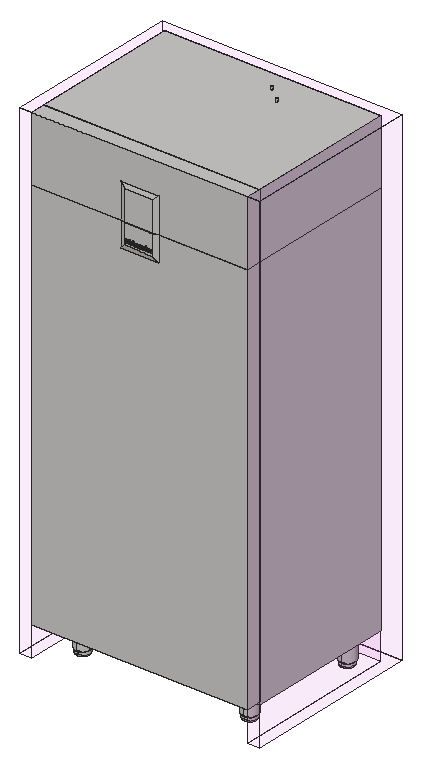
Revit family "QF_ELECTROLUXPROFESSIONAL_691343_PS09F1FRCO2", category Specialty Equipment, Revit 2018
Family settings
  Round Connector Dimension = Use Diameter
  Part Type = Normal
  Work Plane-Based = No
  Always vertical = Yes
  Cut with Voids When Loaded = No
  Shared = No
  Room Calculation Point = No
Parameters (values of type "Standard")
  Weight = 22.6321 lbm
  Watts = 0 W
  Volts = 220 V
  URL Manufacturer = "http://professional.electrolux.com"
  URL = "http://professional.electrolux.com"
  Steam Supply Size = 0"
  Steam Supply Minimum Pressure = 0.00 psi
  Steam Supply Maximum Pressure = 0.00 psi
  Steam Pounds per Hour = 0
  Show Clearance [instance] = yes
  Refrigeration Suction Line Size = 0.02625"
  Refrigeration Liquid Line Size = 0.02625"
  Refrigerant Compressor Remote = yes
  Phase = 1
  Model = "PS09F1FRCO2"
  Manufacturer = "Electrolux Professional"
  Length Actual = 900 mm  # constant formula
  Item Number = "691343"
  Hot Water Size = 0"
  Height Actual = 2040 mm  # constant formula
  HP = "0.2 HP"
  Gas Size = 0"
  Gas KW = 0
  Gas Input Pressure = 0.0 Btu/h
  Direct Waste Size = 0"
  Description = "1-DOOR FREEZER 720LT,-15/-22°,PROSTORE,REMOTE,CO2+VALVE"
  Depth Actual = 700 mm  # constant formula
  Cycle = 60 Hz
  Condensate Return Size = 0"
  Compressed Air Volume = 0 GPM
  Compressed Air Size = 0"
  Compressed Air Pressure = 0.00 psi
  Cold Water Size = 0"
  Accessory = yes
Types (2, lengths in mm): name | URL | Phase | Model | Manufacturer | Description
  (no name) | "http://professional.electrolux.com/" | 0 | "RBC201" | "Electrolux" | "BLAST CHILLER 56 KG 20 GN1/1"
  Standard | "http://professional.electrolux.com" | 1 | "PS09F1FRCO2" | "Electrolux Professional" | "1-DOOR FREEZER 720LT,-15/-22°,PROSTORE,REMOTE,CO2+VALVE"
Values of the unnamed type that differ from the named types
  Volts = 380 V
  URL Manufacturer = "http://professional.electrolux.com/"
  Item Number = "726624"
  Cycle = 50 Hz
Reference planes
  plane 1 "BACK": y = 0
  plane 2: z = 0
  plane 3 "LEFT": x = 0
  plane 4 "RIGHT": x = 900
  plane 5 "FRONT": y = -700
  plane 6 "TOP": z = 2040
  plane 7 "Center Y": x = 450
  plane 8 "Center X": y = -350
  plane 9: x = 102
  plane 10: x = 798
  plane 11: z = 115
  plane 12: z = 86
  plane 13: y = -80
  plane 14: y = -694
  plane 15: y = -1527
  plane 16: y = -630
  plane 17: z = 1770
  plane 18: x = -50
  plane 19: y = 50
  plane 20: x = 950
Forms (mm)
  Extrusion 1, solid, material "QF_Metal - Stainless - Polished"
    sketch origin (0, 0, 0) x (1, 0, 0) y (0, 0, 1)
      loop
        line (0, 2040) -> (0, 1770) -> (900, 1770) -> (900, 2040) -> (0, 2040)
    from 0 to 630
  Extrusion 2, solid, material "QF_Metal - Stainless - Polished"
    sketch origin (0, 0, 0) x (1, 0, 0) y (0, 0, 1)
      loop
        line (0, 1770) -> (0, 115) -> (900, 115) -> (900, 1770) -> (0, 1770)
    from 0 to 630
  Extrusion 3, solid, material "QF_Metal - Stainless - Polished"
    sketch origin (-370, 0, -128) x (1, 0, 0) y (0, 0, 1)
      loop
        circle (450, 1847.083) r 20
    from -7.507 to 0
  Extrusion 4, solid, material "QF_Door-Drawer Clearances", visible <- "Show Clearance", detail levels coarse
    sketch origin (0, 0, 0) x (1, 0, 0) y (0, 1, 0)
      loop
        line (900, -694) -> (0, -694)
        arc (0, -694) -> (275.209, -1299.35) -> (900, -1527) r 859.201
        line (900, -1527) -> (900, -694)
    from 127.536 to 1770
  Extrusion 5, solid, material "QF_Metal - Stainless - Polished"
    sketch origin (0, 130.478, 0) x (1, 0, 0) y (0, 0, 1)
      loop
        line (0, 2040) -> (0, 1770) -> (900, 1770) -> (900, 2040) -> (0, 2040)
    from 760.478 to 824.478
  Extrusion 6, solid, material "QF_Metal - Stainless - Polished"
    sketch origin (0, 140, 0) x (1, 0, 0) y (0, 0, 1)
      loop
        line (0, 1770) -> (0, 127.536) -> (900, 127.536) -> (900, 1770) -> (0, 1770)
    from 834 to 770
  Revolve 7, solid, material "QF_Metal - Stainless - Polished"
    sketch origin (798, -2.833, 0) x (0, 1, 0) y (0, 0, -1)
      loop
        line (-590.954, -115) -> (-553.167, -115) -> (-553.167, 0) -> (-578.757, 0)
        arc (-578.757, 0) -> (-580.973, -2.655) -> (-581.767, -6.021) r 7.527
        line (-581.767, -6.021) -> (-581.767, -17.561) -> (-585.28, -21.074) -> (-585.28, -110.008) -> (-590.954, -110.008) -> (-590.954, -115)
      axis (-553.167, 0) -> (-553.167, -115)
    angle from 0 to 360
  Revolve 8, solid, material "QF_Metal - Stainless - Polished"
    sketch origin (102, -2.833, 0) x (0, 1, 0) y (0, 0, 1)
      loop
        line (-590.954, 115) -> (-590.954, 110.008) -> (-585.28, 110.008) -> (-585.28, 21.074) -> (-581.767, 17.561) -> (-581.767, 6.021)
        arc (-581.767, 6.021) -> (-580.973, 2.655) -> (-578.757, 0) r 7.527
        line (-578.757, 0) -> (-553.167, 0) -> (-553.167, 115) -> (-590.954, 115)
      axis (-553.167, 0) -> (-553.167, 115)
    angle from 0 to 360
  Revolve 9, solid, material "QF_Metal - Stainless - Polished"
    sketch origin (824, -759.167, 0) x (0, -1, 0) y (0, 0, 1)
      loop
        line (-716.954, 115) -> (-716.954, 110.008) -> (-711.28, 110.008) -> (-711.28, 21.074) -> (-707.767, 17.561) -> (-707.767, 6.021)
        arc (-707.767, 6.021) -> (-706.973, 2.655) -> (-704.757, 0) r 7.527
        line (-704.757, 0) -> (-679.167, 0) -> (-679.167, 115) -> (-716.954, 115)
      axis (-679.167, 0) -> (-679.167, 115)
    angle from 0 to 360
  Revolve 10, solid, material "QF_Metal - Stainless - Polished"
    sketch origin (76, -759.167, 0) x (0, -1, 0) y (0, 0, 1)
      loop
        line (-716.954, 115) -> (-716.954, 110.008) -> (-711.28, 110.008) -> (-711.28, 21.074) -> (-707.767, 17.561) -> (-707.767, 6.021)
        arc (-707.767, 6.021) -> (-706.973, 2.655) -> (-704.757, 0) r 7.527
        line (-704.757, 0) -> (-679.167, 0) -> (-679.167, 115) -> (-716.954, 115)
      axis (-679.167, 0) -> (-679.167, 115)
    angle from 0 to 360
  Blend 11, solid, material "QF_Metal - Stainless - Polished"
    base sketch origin (0, -694, 0) x (1, 0, 0) y (0, 0, 1)
      loop
        line (370, 1914.822) -> (370, 1664.822) -> (530, 1664.822) -> (530, 1914.822) -> (370, 1914.822)
    top sketch origin (0, -694, 0) x (1, 0, 0) y (0, 0, 1)
      loop
        line (510, 1894.822) -> (390, 1894.822) -> (390, 1684.822) -> (510, 1684.822) -> (510, 1894.822)
    from 0 to 6
  Extrusion 12, void
    sketch origin (0, -700, 0) x (-1, 0, 0) y (0, 0, 1)
      loop
        line (-370, 1770.997) -> (-530, 1770.997) -> (-530, 1769.003) -> (-370, 1769.003) -> (-370, 1770.997)
    from 0 to 6
  Extrusion 13, solid, material "QF_Metal - Stainless - Polished"
    sketch origin (-206.75, 6.847, 2040) x (1, 0, 0) y (0, 1, 0)
      loop
        circle (718.778, -89.847) r 4
    from 0 to 10
  Extrusion 14, solid, material "QF_Metal - Stainless - Polished"
    sketch origin (-143.739, -46.153, 2040) x (1, 0, 0) y (0, 1, 0)
      loop
        circle (718.778, -89.847) r 4
    from 0 to 10
  Extrusion 15, solid, material "QF_Door-Drawer Clearances"
    sketch origin (0, 0, 0) x (1, 0, 0) y (0, 1, 0)
      loop
        line (0, -694) -> (0, 0) -> (900, 0) -> (900, -694) -> (950, -694) -> (950, 50) -> (-50, 50) -> (-50, -694) -> (0, -694)
    from 0 to 2040
Cuts and joins
  Extrusion 12 cuts Extrusion 1
  Extrusion 12 cuts Extrusion 2
  Extrusion 12 cuts Extrusion 5
  Extrusion 12 cuts Extrusion 6
  Extrusion 12 cuts Blend 11
Lines and regions (mm)
  Split face 1
    outline origin (0, -700, 0) x (1, 0, 0) y (0, 0, 1)
      loop
        line (415, 1894.822) -> (415, 1742.499) -> (485, 1742.499) -> (485, 1894.822)
  symbolic lines
    curve 1: line (0, 0, 0) -> (900, 0, 0)
    curve 2: line (0, -694, 0) -> (0, 0, 0)
    curve 3: line (900, -694, 0) -> (0, -694, 0)
    curve 4: line (900, 0, 0) -> (900, -694, 0)
    curve 5: line (0, -630, 0) -> (900, -630, 0)
    curve 6: line (370, -694, 0) -> (390, -700, 0)
    curve 7: line (390, -700, 0) -> (510, -700, 0)
    curve 8: line (510, -700, 0) -> (530, -694, 0)
  symbolic lines, style "QF_Door-Drawer Clearances"
    curve 9: arc (0, -694, 0) -> (275.209, -1299.35, 0) -> (900, -1527, 0) r 859.201
    curve 10: line (900, -1527, 0) -> (900, -694, 0)
    curve 11: line (0, -694, 0) -> (-50, -694, 0)
    curve 12: line (-50, -694, 0) -> (-50, 50, 0)
    curve 13: line (-50, 50, 0) -> (950, 50, 0)
    curve 14: line (950, 50, 0) -> (950, -694, 0)
    curve 15: line (950, -694, 0) -> (900, -694, 0)
Dimensions and locks
  equal spacing: plane 3 "LEFT", plane 7 "Center Y", plane 4 "RIGHT"
  plane 3 "LEFT" to plane 4 "RIGHT" = 900 mm
  equal spacing: plane 5 "FRONT", plane 8 "Center X", plane 1 "BACK"
  plane 5 "FRONT" to plane 1 "BACK" = 700 mm
  plane 6 "TOP" to level = 2040 mm
  plane 9 to plane 3 "LEFT" = 102 mm
  plane 10 to plane 4 "RIGHT" = 102 mm
  plane 10 to plane 9 = 696 mm
  plane 11 to level = 115 mm
  plane 12 to plane 11 = 29 mm
  plane 1 "BACK" to plane 13 = 80 mm
  plane 15 to plane 1 "BACK" = 1527 mm
  plane 3 "LEFT" to Extrusion 4 = 900 mm
  plane 11 to plane 2 = 115 mm
  plane 1 "BACK" to plane 16 = 630 mm
  plane 18 to plane 3 "LEFT" = 50 mm
  plane 4 "RIGHT" to plane 20 = 50 mm
  plane 1 "BACK" to plane 19 = 50 mm
  aligned and locked: level to plane 2
  aligned and locked: Extrusion 5 to plane 4 "RIGHT"
  aligned and locked: Extrusion 5 to plane 3 "LEFT"
  aligned and locked: plane 5 "FRONT" to Blend 11
Automatic sketch dimensions
  Extrusion 1 sketch curve to plane 3 "LEFT" = 0 mm
  plane 4 "RIGHT" to Extrusion 1 sketch curve = 0 mm
  Extrusion 1 sketch curve to plane 17 = 0 mm
  Extrusion 1 sketch curve to plane 6 "TOP" = 0 mm
  Extrusion 2 sketch curve to plane 3 "LEFT" = 0 mm
  plane 4 "RIGHT" to Extrusion 2 sketch curve = 0 mm
  Extrusion 2 sketch curve to plane 11 = 0 mm
  Extrusion 2 sketch curve to plane 17 = 0 mm
  Extrusion 3 sketch curve to plane 9 = 22 mm
  Extrusion 3 sketch curve to plane 17 = 50.917 mm
  Extrusion 4 sketch curve to plane 3 "LEFT" = 0 mm
  Extrusion 4 sketch curve to plane 4 "RIGHT" = 0 mm
  Extrusion 4 sketch curve to plane 15 = 0 mm
  plane 14 to Extrusion 4 sketch curve = 0 mm
  Extrusion 4 sketch curve to plane 14 = 25.214 mm
  Extrusion 5 sketch curve to plane 3 "LEFT" = 0 mm
  plane 4 "RIGHT" to Extrusion 5 sketch curve = 0 mm
  Extrusion 5 sketch curve to plane 17 = 0 mm
  Extrusion 5 sketch curve to plane 6 "TOP" = 0 mm
  Extrusion 6 sketch curve to plane 3 "LEFT" = 0 mm
  plane 4 "RIGHT" to Extrusion 6 sketch curve = 0 mm
  Extrusion 6 sketch curve to plane 17 = 0 mm
  plane 11 to Extrusion 6 sketch curve = 12.536 mm
  plane 11 to Revolve 7 sketch curve = 0 mm
  Revolve 7 sketch curve to level = 0 mm
  plane 16 to Revolve 7 sketch curve = 36.213 mm
  Revolve 7 sketch curve to Revolve 7 sketch curve = 5.674 mm
  Revolve 7 sketch curve to Revolve 7 sketch curve = 3.513 mm  (x2)
  Revolve 7 sketch curve to Revolve 7 sketch curve = 3.01 mm
  level to Revolve 7 sketch curve = 6.021 mm
  Revolve 7 sketch curve to Revolve 7 sketch curve = 21.073 mm
  Revolve 7 sketch curve to plane 11 = 4.992 mm  (x2)
  Revolve 7 sketch curve to Revolve 7 sketch curve = 15.053 mm
  Revolve 7 sketch curve to Revolve 7 sketch curve = 0 mm
  Revolve 7 sketch curve to Revolve 7 sketch curve = 20.008 mm
  Revolve 8 sketch curve to plane 11 = 0 mm
  Revolve 8 sketch curve to level = 0 mm
  plane 16 to Revolve 8 sketch curve = 36.213 mm
  Revolve 8 sketch curve to Revolve 8 sketch curve = 5.674 mm
  Revolve 8 sketch curve to Revolve 8 sketch curve = 3.513 mm  (x2)
  Revolve 8 sketch curve to Revolve 8 sketch curve = 3.01 mm
  level to Revolve 8 sketch curve = 6.021 mm
  Revolve 8 sketch curve to Revolve 8 sketch curve = 21.073 mm
  Revolve 8 sketch curve to Revolve 8 sketch curve = 11.54 mm
  Revolve 8 sketch curve to plane 11 = 4.992 mm
  Revolve 8 sketch curve to Revolve 8 sketch curve = 0 mm
  Revolve 8 sketch curve to Revolve 8 sketch curve = 4.992 mm
  plane 11 to Revolve 8 sketch curve = 20.008 mm
  Revolve 9 sketch curve to plane 11 = 0 mm
  Revolve 9 sketch curve to level = 0 mm
  Revolve 9 sketch curve to plane 13 = 0 mm  (x2)
  level to Revolve 9 sketch curve = 6.021 mm
  Revolve 9 sketch curve to plane 13 = 21.073 mm
  Revolve 9 sketch curve to Revolve 9 sketch curve = 4.517 mm
  Revolve 9 sketch curve to Revolve 9 sketch curve = 3.513 mm  (x2)
  Revolve 9 sketch curve to Revolve 9 sketch curve = 5.674 mm
  Revolve 9 sketch curve to Revolve 9 sketch curve = 11.54 mm
  Revolve 9 sketch curve to plane 11 = 4.992 mm
  Revolve 9 sketch curve to Revolve 9 sketch curve = 4.992 mm
  plane 11 to Revolve 9 sketch curve = 20.008 mm
  Revolve 10 sketch curve to plane 11 = 0 mm
  Revolve 10 sketch curve to level = 0 mm
  Revolve 10 sketch curve to plane 13 = 0 mm  (x2)
  Revolve 10 sketch curve to level = 6.021 mm
  plane 13 to Revolve 10 sketch curve = 21.073 mm
  Revolve 10 sketch curve to Revolve 10 sketch curve = 4.517 mm
  Revolve 10 sketch curve to Revolve 10 sketch curve = 3.513 mm  (x2)
  Revolve 10 sketch curve to Revolve 10 sketch curve = 5.674 mm
  Revolve 10 sketch curve to Revolve 10 sketch curve = 11.54 mm
  plane 11 to Revolve 10 sketch curve = 4.992 mm  (x2)
  Revolve 10 sketch curve to Revolve 10 sketch curve = 20.008 mm
  Blend 11 sketch curve to Extrusion 6 = 105.178 mm
  Blend 11 sketch curve to Extrusion 6 = 370 mm
  Blend 11 sketch curve to Blend 11 sketch curve = 160 mm
  Extrusion 6 to Blend 11 sketch curve = 144.822 mm
  Extrusion 6 to Blend 11 sketch curve = 124.822 mm
  Blend 11 sketch curve to Extrusion 6 = 390 mm
  Blend 11 sketch curve to Blend 11 sketch curve = 120 mm
  Blend 11 sketch curve to Extrusion 6 = 85.178 mm
  Split face 1 sketch curve to Blend 11 = 0 mm  (x2)
  Split face 1 sketch curve to Blend 11 = 25 mm  (x2)
  Split face 1 sketch curve to Blend 11 = 57.677 mm
  Extrusion 12 sketch curve to Blend 11 = 20 mm  (x2)
  Blend 11 to Extrusion 12 sketch curve = 84.181 mm
  Extrusion 12 sketch curve to Extrusion 12 sketch curve = 1.995 mm
  Extrusion 1 to Extrusion 13 sketch curve = 83 mm
  Extrusion 13 sketch curve to Extrusion 1 = 387.972 mm
  Extrusion 1 to Extrusion 14 sketch curve = 136 mm
  Extrusion 14 sketch curve to Extrusion 1 = 324.961 mm
  Extrusion 15 sketch curve to plane 18 = 0 mm
  plane 1 "BACK" to Extrusion 15 sketch curve = 0 mm
  Extrusion 15 sketch curve to plane 3 "LEFT" = 0 mm
  Extrusion 15 sketch curve to plane 4 "RIGHT" = 0 mm
  Extrusion 15 sketch curve to plane 19 = 0 mm
  Extrusion 15 sketch curve to plane 20 = 0 mm
  plane 14 to Extrusion 15 sketch curve = 0 mm  (x2)
  curve 13 to plane 18 = 0 mm
  curve 3 to plane 3 "LEFT" = 0 mm
  plane 5 "FRONT" to curve 7 = 0 mm
  curve 9 to plane 4 "RIGHT" = 0 mm
  curve 15 to plane 4 "RIGHT" = 0 mm
  plane 14 to curve 14 = 0 mm
  curve 14 to plane 20 = 0 mm
  curve 10 to plane 15 = 0 mm
  curve 5 to plane 16 = 0 mm
  plane 1 "BACK" to curve 4 = 0 mm
  curve 13 to plane 19 = 0 mm
  curve 7 to plane 7 "Center Y" = 60 mm
  plane 7 "Center Y" to curve 8 = 60 mm
  curve 9 to plane 14 = 25.214 mm
  curve 6 to curve 6 = 20 mm
  curve 7 to curve 8 = 20 mm
  radius of Extrusion 3 sketch curve = 20 mm
  radius of Extrusion 13 sketch curve = 4 mm
  radius of Extrusion 14 sketch curve = 4 mm
Nested families
  nested 1: "ELX_Logo_S" at (450.625, -700, 1704.375) x (1, 0, 0) z (0, -1, 0), type "ELX_Logo_S"
Connectors
  electrical at (80, 7.507, 1719.083), driven by "Volts"
    settings: on Extrusion 3, index 2, voltage 220 V, apparent load 0 VA, apparent load phase1 0 VA, apparent load phase2 0 VA, apparent load phase3 0 VA, power factor 1, load classification "Other", number of poles 1, system type 30, power factor state 1, is connector primary yes, connector utility no, sub classification motor no, connector description "Electrical Connection"
  piping at (512.028, -83, 2050), diameter 8
    settings: on Extrusion 13, index 3, connector inside diameter 24", connector length 0 mm, flow factor 0, pipe flow 0 GPM, pressure drop 0.00 psi, fitting loss kfactor 0, connector angle 0.00°, fixture units 0, engagement length 0 mm, angle of deflection 0.00°, flow configuration 0, flow direction 0, fitting loss method 0, system type 22, joint type 0, gender type 0, connector reference index -1, connector utility 0, adjustable connector no, is connector primary yes, connector description "Refrigerant outlet"
  piping at (575.039, -136, 2050), diameter 8
    settings: on Extrusion 14, index 4, connector inside diameter 24", connector length 0 mm, flow factor 0, pipe flow 0 GPM, pressure drop 0.00 psi, fitting loss kfactor 0, connector angle 0.00°, fixture units 0, engagement length 0 mm, angle of deflection 0.00°, flow configuration 0, flow direction 0, fitting loss method 0, system type 22, joint type 0, gender type 0, connector reference index -1, connector utility 0, adjustable connector no, is connector primary no, connector description "Refrigerant inlet"
Definition of nested family "ELX_Logo_S"
  Parameters (values of type "ELX_Logo_S")
    Default Elevation = 0 mm
  Reference planes
    plane 1 "Centro (Fronte/Retro)": y = 0
    plane 2: z = 0
    plane 3 "Centro (Sinistra/Destra)": x = 0
  Forms (mm)
    Extrusion 1, solid
      sketch origin (0, 0, 0) x (1, 0, 0) y (0, 1, 0)
        loop
          line (-1219.2, 1219.2) -> (-1219.2, -1219.2) -> (1219.2, -1219.2) -> (1219.2, 1219.2) -> (-1219.2, 1219.2)
      from 0 to -304.8
    Extrusion 2, solid
      sketch origin (0, 0, 0) x (1, 0, 0) y (0, 1, 0)
        loop
          line (-43.793, 5.912) -> (-43.793, -6.455)
          arc (-43.793, -6.455) -> (-39.222, -0.272) -> (-43.793, 5.912) r 6.467
        loop
          arc (-44.422, 5.912) -> (-49.565, 4.743) -> (-52.043, 0.087) r 6.338
          line (-52.043, 0.087) -> (-49.997, 0.087)
          arc (-49.997, 0.087) -> (-46.342, 1.57) -> (-44.422, 5.016) r 5.941
          line (-44.422, 5.016) -> (-44.422, 5.912)
        loop
          arc (-44.422, -5.559) -> (-46.342, -2.114) -> (-49.997, -0.63) r 5.941
          line (-49.997, -0.63) -> (-52.043, -0.63)
          arc (-52.043, -0.63) -> (-49.569, -5.324) -> (-44.422, -6.614) r 6.504
          line (-44.422, -6.614) -> (-44.422, -5.559)
        loop
          line (-52.512, 6.586) -> (-52.512, -7.158) -> (-38.749, -7.158) -> (-38.749, 6.586) -> (-52.512, 6.586)
        loop
          arc (-35.782, 6.67) -> (-36.139, 6.322) -> (-35.801, 5.955) r 0.358
          arc (-35.801, 5.955) -> (-35.051, 5.641) -> (-34.666, 4.924) r 1.216
          line (-34.666, 4.924) -> (-34.666, -5.488)
          arc (-34.666, -5.488) -> (-34.944, -6.148) -> (-35.54, -6.544) r 1.238
          arc (-35.54, -6.544) -> (-35.791, -6.939) -> (-35.437, -7.244) r 0.358
          line (-35.437, -7.244) -> (-25.558, -7.244) -> (-25.558, -4.494) -> (-26.455, -4.494)
          arc (-26.455, -4.494) -> (-27.035, -5.403) -> (-28.012, -5.858) r 1.928
          line (-28.012, -5.858) -> (-30.511, -5.858)
          arc (-30.511, -5.858) -> (-31.24, -5.583) -> (-31.604, -4.894) r 1.101
          line (-31.604, -4.894) -> (-31.604, -0.808) -> (-27.931, -0.808)
          arc (-27.931, -0.808) -> (-27.434, -1.16) -> (-27.206, -1.725) r 1.083
          arc (-27.206, -1.725) -> (-26.9, -1.989) -> (-26.622, -1.697) r 0.292
          line (-26.622, -1.697) -> (-26.622, 1.265)
          arc (-26.622, 1.265) -> (-26.895, 1.568) -> (-27.225, 1.329) r 0.305
          arc (-27.225, 1.329) -> (-27.473, 0.839) -> (-27.931, 0.534) r 1.083
          line (-27.931, 0.534) -> (-31.604, 0.534) -> (-31.604, 5.211) -> (-27.857, 5.211)
          arc (-27.857, 5.211) -> (-27.101, 4.997) -> (-26.603, 4.39) r 1.314
          arc (-26.603, 4.39) -> (-26.199, 4.171) -> (-25.907, 4.526) r 0.361
          line (-25.907, 4.526) -> (-25.907, 6.67) -> (-35.782, 6.67)
        loop
          arc (-25.126, 5.953) -> (-24.207, 5.572) -> (-23.827, 4.654) r 1.299
          line (-23.827, 4.654) -> (-23.827, -4.925)
          arc (-23.827, -4.925) -> (-24.205, -5.763) -> (-25.083, -6.035) r 1.118
          line (-25.083, -6.035) -> (-25.083, -7.244) -> (-19.733, -7.244) -> (-19.733, -6.056)
          arc (-19.733, -6.056) -> (-20.65, -5.784) -> (-21.046, -4.914) r 1.153
          line (-21.046, -4.914) -> (-21.046, 7.158) -> (-25.126, 5.953)
        loop
          line (-17.097, -2.28) -> (-10.65, -2.28) -> (-10.65, -1.481)
          arc (-10.65, -1.481) -> (-11.634, 1.1) -> (-14.088, 2.369) r 3.874
          line (-14.088, 2.369) -> (-15.848, 2.369)
          arc (-15.848, 2.369) -> (-18.713, 1.182) -> (-19.899, -1.682) r 4.051
          line (-19.899, -1.682) -> (-19.899, -3.691)
          arc (-19.899, -3.691) -> (-18.414, -6.509) -> (-15.407, -7.561) r 4.352
          arc (-15.407, -7.561) -> (-12.944, -7.196) -> (-10.87, -5.819) r 5.713
          line (-10.87, -5.819) -> (-10.87, -4.87)
          arc (-10.87, -4.87) -> (-12.439, -5.603) -> (-14.157, -5.819) r 5.579
          arc (-14.157, -5.819) -> (-16.12, -5.025) -> (-17.097, -3.146) r 3.057
          line (-17.097, -3.146) -> (-17.097, -2.28)
        loop
          line (-17.097, -1.02) -> (-13.515, -1.02)
          arc (-13.515, -1.02) -> (-13.468, 0.436) -> (-14.627, 1.319) r 1.59
          line (-14.627, 1.319) -> (-15.457, 1.319)
          arc (-15.457, 1.319) -> (-16.712, 0.455) -> (-17.097, -1.02) r 2.184
        loop
          arc (-1.232, 1.771) -> (-2.906, 2.259) -> (-4.643, 2.417) r 9.023
          line (-4.643, 2.417) -> (-6.005, 2.417)
          arc (-6.005, 2.417) -> (-8.805, 1.257) -> (-9.965, -1.542) r 3.959
          line (-9.965, -1.542) -> (-9.965, -4.142)
          arc (-9.965, -4.142) -> (-8.672, -6.424) -> (-6.299, -7.541) r 4.331
          line (-6.299, -7.541) -> (-4.164, -7.541)
          arc (-4.164, -7.541) -> (-2.614, -7.033) -> (-1.268, -6.112) r 5.772
          arc (-1.268, -6.112) -> (-1.217, -5.35) -> (-1.976, -5.263) r 0.553
          arc (-1.976, -5.263) -> (-2.71, -5.651) -> (-3.529, -5.785) r 2.573
          line (-3.529, -5.785) -> (-5.044, -5.785)
          arc (-5.044, -5.785) -> (-6.686, -4.779) -> (-7.328, -2.965) r 2.884
          line (-7.328, -2.965) -> (-7.328, -1.686)
          arc (-7.328, -1.686) -> (-6.768, 0.135) -> (-5.103, 1.062) r 2.554
          line (-5.103, 1.062) -> (-4.05, 1.062)
          arc (-4.05, 1.062) -> (-3.122, 0.73) -> (-2.387, 0.073) r 2.564
          arc (-2.387, 0.073) -> (-1.67, -0.148) -> (-1.232, 0.461) r 0.643
          line (-1.232, 0.461) -> (-1.232, 1.771)
        loop
          line (-0.962, 0.752) -> (0.539, 0.752) -> (0.539, -5.296)
          arc (0.539, -5.296) -> (1.197, -6.884) -> (2.785, -7.541) r 2.246
          line (2.785, -7.541) -> (4.369, -7.541)
          arc (4.369, -7.541) -> (5.233, -7.228) -> (6.005, -6.727) r 4.06
          arc (6.005, -6.727) -> (6.138, -5.995) -> (5.437, -5.743) r 0.576
          arc (5.437, -5.743) -> (4.911, -5.849) -> (4.379, -5.785) r 1.69
          arc (4.379, -5.785) -> (3.591, -5.244) -> (3.288, -4.337) r 1.506
          line (3.288, -4.337) -> (3.288, 0.801) -> (5.685, 0.801) -> (6.241, 1.357) -> (6.241, 2.179) -> (3.382, 2.179) -> (3.382, 5.41) -> (-0.962, 0.752)
        loop
          line (7.139, -7.324) -> (12.526, -7.324) -> (12.526, -6.214)
          arc (12.526, -6.214) -> (11.575, -5.82) -> (11.181, -4.869) r 1.345
          line (11.181, -4.869) -> (11.181, -1.253)
          arc (11.181, -1.253) -> (11.773, -0.488) -> (12.695, -0.199) r 1.615
          line (12.695, -0.199) -> (14.251, -0.199) -> (14.936, 2.357) -> (13.553, 2.357) -> (10.994, 0.414) -> (10.994, 2.295) -> (8.288, 2.01)
          arc (8.288, 2.01) -> (7.758, 1.571) -> (7.959, 0.912) r 0.621
          arc (7.959, 0.912) -> (8.301, 0.512) -> (8.484, 0.018) r 1.501
          line (8.484, 0.018) -> (8.484, -4.869)
          arc (8.484, -4.869) -> (8.09, -5.82) -> (7.139, -6.214) r 1.345
          line (7.139, -6.214) -> (7.139, -7.324)
        loop
          line (14.473, -1.222) -> (14.473, -3.914)
          arc (14.473, -3.914) -> (15.781, -6.36) -> (18.311, -7.494) r 4.288
          arc (18.311, -7.494) -> (19.692, -7.557) -> (21.072, -7.494) r 15.022
          arc (21.072, -7.494) -> (23.603, -6.36) -> (24.91, -3.914) r 4.288
          line (24.91, -3.914) -> (24.91, -1.222)
          arc (24.91, -1.222) -> (23.603, 1.223) -> (21.072, 2.357) r 4.288
          arc (21.072, 2.357) -> (19.692, 2.421) -> (18.311, 2.357) r 15.022
          arc (18.311, 2.357) -> (15.781, 1.223) -> (14.473, -1.222) r 4.288
        loop
          line (17.587, -1.017) -> (17.587, -4.119)
          arc (17.587, -4.119) -> (19.744, -6.276) -> (21.901, -4.119) r 2.157
          line (21.901, -4.119) -> (21.901, -1.017)
          arc (21.901, -1.017) -> (19.744, 1.14) -> (17.587, -1.017) r 2.157
        loop
          arc (24.768, 5.964) -> (25.662, 5.593) -> (26.033, 4.699) r 1.264
          line (26.033, 4.699) -> (26.033, -5.165)
          arc (26.033, -5.165) -> (25.636, -6.035) -> (24.72, -6.307) r 1.153
          line (24.72, -6.307) -> (24.72, -7.244) -> (29.828, -7.244) -> (29.828, -6.316)
          arc (29.828, -6.316) -> (29.056, -5.957) -> (28.741, -5.165) r 1.153
          line (28.741, -5.165) -> (28.741, 7.158) -> (24.768, 5.964)
        loop
          arc (29.365, 1.084) -> (30.43, 0.885) -> (30.912, -0.085) r 1.215
          line (30.912, -0.085) -> (30.912, -5.105)
          arc (30.912, -5.105) -> (31.559, -6.719) -> (33.142, -7.44) r 2.338
          line (33.142, -7.44) -> (34.657, -7.44)
          arc (34.657, -7.44) -> (35.661, -7.266) -> (36.547, -6.763) r 2.979
          line (36.547, -6.763) -> (38.344, -7.244) -> (40.032, -7.244) -> (40.032, 2.181) -> (35.829, 1.887) -> (35.829, 1.101)
          arc (35.829, 1.101) -> (36.665, 0.745) -> (37.174, -0.007) r 1.605
          line (37.174, -0.007) -> (37.174, -5.11)
          arc (37.174, -5.11) -> (36.237, -5.531) -> (35.213, -5.603) r 2.94
          arc (35.213, -5.603) -> (34.112, -5.042) -> (33.669, -3.889) r 1.724
          line (33.669, -3.889) -> (33.669, 2.307) -> (29.365, 1.084)
        loop
          line (40.886, 2.112) -> (42.932, 0.44) -> (45.238, -2.734) -> (42.126, -6.191)
          arc (42.126, -6.191) -> (41.732, -6.428) -> (41.273, -6.405) r 0.789
          line (41.273, -6.405) -> (41.273, -7.244) -> (44.818, -7.244) -> (44.818, -6.418)
          arc (44.818, -6.418) -> (44.456, -6.076) -> (44.548, -5.586) r 0.52
          line (44.548, -5.586) -> (46.019, -3.786) -> (47.394, -5.904)
          arc (47.394, -5.904) -> (47.084, -6.305) -> (46.585, -6.392) r 0.7
          line (46.585, -6.392) -> (46.585, -7.244) -> (52.512, -7.244) -> (52.512, -6.358)
          arc (52.512, -6.358) -> (51.853, -6.291) -> (51.322, -5.896) r 1.247
          line (51.322, -5.896) -> (48.041, -1.696) -> (50.094, 0.751) -> (51.836, 2.112) -> (48.112, 2.112) -> (48.535, 0.627) -> (47.258, -0.895) -> (46.068, 0.806) -> (46.844, 2.112) -> (40.886, 2.112)
      from 0 to 1.644
  Dimensions and locks
    aligned and locked: plane 2 to Extrusion 1
    aligned and locked: level to Extrusion 1
